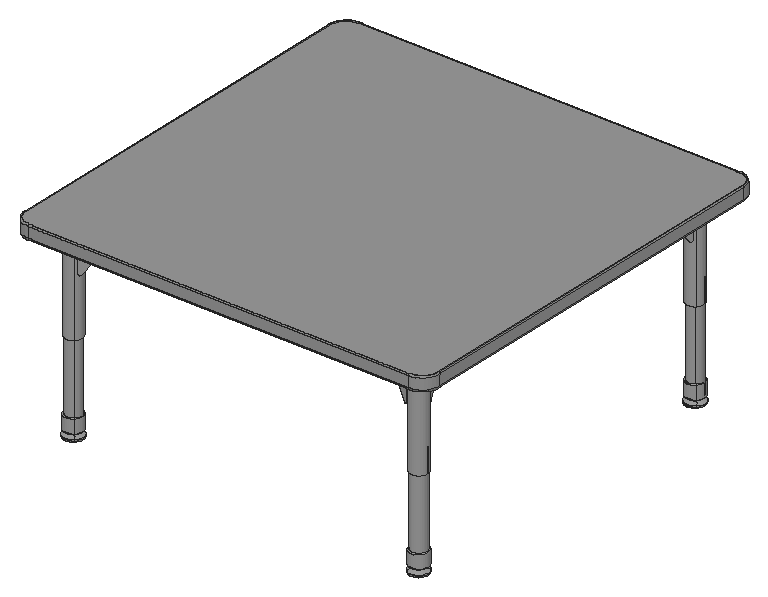
Revit family "Hierarchy Activity 36in Square Table - Youth Height", category Furniture, Revit 2018
Family settings
  Work Plane-Based = No
  Always vertical = Yes
  Cut with Voids When Loaded = No
  Shared = No
  Room Calculation Point = No
Parameters
  Table Height = 1' - 4"
  Surface = Hierarchy Activity 36" Square Table Youth Surface
  Leg Finish = Hierarchy Leg Platinum
  Edgeband = Hierarchy Activity 36" Square Table Youth Edgeband
  Caster/Glide = Hierarchy Youth Leg - Glide : Hierarchy Youth Leg - Glide
Reference planes (in)
  plane 1 "Center (Front/Back)": y = 0
  plane 2: z = 0
  plane 3 "Center (Left/Right)": x = 0
  plane 4: z = 16
Dimensions and locks (in)
  "Table Height": plane 4 to level
  aligned and locked: plane 2 to level
  aligned and locked: nested 1 to plane 4
Nested families (in)
  nested 1: "Activity 36x36 Tabletop" at (0, 0, -7.925), type "Activity 36x36 Tabletop"
  nested 2: "Hierarchy Youth Leg - Glide" at (-15, 15, 0) x (0.7071, 0.7071, 0) z (0, 0, 1), type <- "Caster/Glide", Leg Finish <- "Leg Finish", Leg Height <- "Table Height", type "Hierarchy Youth Leg - Glide"
    with Leg Height 1' - 4", Leg Finish Hierarchy Leg Platinum
  nested 3: "Hierarchy Youth Leg - Glide" at (-15, -15, 0) x (0.7071, -0.7071, 0) z (0, 0, 1), type <- "Caster/Glide", Leg Finish <- "Leg Finish", Leg Height <- "Table Height", type "Hierarchy Youth Leg - Glide"
    with Leg Height 1' - 4", Leg Finish Hierarchy Leg Platinum
  nested 4: "Hierarchy Youth Leg - Glide" at (15, 15, 0) x (-0.7071, 0.7071, 0) z (0, 0, 1), Leg Finish <- "Leg Finish", Leg Height <- "Table Height", type "Hierarchy Youth Leg - Glide"
    with Leg Height 1' - 4", Leg Finish Hierarchy Leg Platinum
  nested 5: "Hierarchy Youth Leg - Glide" at (15, -15, 0) x (-0.7071, -0.7071, 0) z (0, 0, 1), Leg Finish <- "Leg Finish", Leg Height <- "Table Height", type "Hierarchy Youth Leg - Glide"
    with Leg Height 1' - 4", Leg Finish Hierarchy Leg Platinum
Definition of nested family "Activity 36x36 Tabletop"
  Parameters (values of type "Activity 36x36 Tabletop")
    Surface = none
    Edgeband = none
  Reference planes (in)
    plane 1 "Center (Front/Back)": y = 0
    plane 2: z = 0
    plane 3 "Center (Left/Right)": x = 0
  Forms (in)
    Extrusion 1, solid, material <- "Surface"
      sketch origin (0, 0, 0) x (1, 0, 0) y (0, 1, 0)
        loop
          line (16.5, 17.88189) -> (-16.5, 17.88189)
          arc (-16.5, 17.88189) -> (-17.47714, 17.47714) -> (-17.88189, 16.5) r 1.38189
          line (-17.88189, 16.5) -> (-17.88189, -16.5)
          arc (-17.88189, -16.5) -> (-17.47714, -17.47714) -> (-16.5, -17.88189) r 1.38189
          line (-16.5, -17.88189) -> (16.5, -17.88189)
          arc (16.5, -17.88189) -> (17.47714, -17.47714) -> (17.88189, -16.5) r 1.38189
          line (17.88189, -16.5) -> (17.88189, 16.5)
          arc (17.88189, 16.5) -> (17.47714, 17.47714) -> (16.5, 17.88189) r 1.38189
      from 23.925 to 25.125
    Sweep 2, solid, material <- "Edgeband"
      path origin (0, 0, 0) x (1, 0, 0) y (0, 1, 0)
        loop
          line (16.5, 17.88189) -> (-16.5, 17.88189)
          arc (-16.5, 17.88189) -> (-17.47714, 17.47714) -> (-17.88189, 16.5) r 1.38189
          line (-17.88189, 16.5) -> (-17.88189, -16.5)
          arc (-17.88189, -16.5) -> (-17.47714, -17.47714) -> (-16.5, -17.88189) r 1.38189
          line (-16.5, -17.88189) -> (16.5, -17.88189)
          arc (16.5, -17.88189) -> (17.47714, -17.47714) -> (17.88189, -16.5) r 1.38189
          line (17.88189, -16.5) -> (17.88189, 16.5)
          arc (17.88189, 16.5) -> (17.47714, 17.47714) -> (16.5, 17.88189) r 1.38189
      profile origin (0, 17.88189, 0) x (0, -1, 0) y (0, 0, 1)
        loop
          arc (0, 25.125) -> (-0.08352, 25.09041) -> (-0.11811, 25.00689) r 0.11811
          line (-0.11811, 25.00689) -> (-0.11811, 24.04311)
          arc (-0.11811, 24.04311) -> (-0.08352, 23.95959) -> (0, 23.925) r 0.11811
          line (0, 23.925) -> (0, 25.125)
  Dimensions and locks (in)
    aligned and locked: plane 2 to level
Definition of nested family "Hierarchy Youth Leg - Glide"
  Parameters (values of type "Hierarchy Youth Leg - Glide")
    Leg Finish [instance] = none
    Leg Height [instance] = 1' - 4.80117"
  Reference planes (in)
    plane 1 "Center (Front/Back)": y = 0
    plane 2: z = 0
    plane 3 "Center (Left/Right)": x = 0
  Forms (in)
    Extrusion 1, solid
      sketch origin (-0.01562, 0, 0) x (1, 0, 0) y (0, 1, 0)
        loop
          circle (0.01563, 0) r 0.67016
      from 0.67618 to 10.55018
    Revolve 2, solid
      sketch origin (0, 0, 0) x (1, 0, 0) y (0, 0, 1)
        loop
          line (-0.73189, 1.80118) -> (-0.79439, 1.73867) -> (-0.79439, 0.61381) -> (-0.73176, 0.55118) -> (-0.125, 0.55118) -> (-0.125, 0.42618) -> (-0.84656, 0.16241) -> (-0.84656, 0.08994) -> (-0.81359, 0) -> (0, 0) -> (0, 1.80118) -> (-0.73189, 1.80118)
        axis (0, 1.80118) -> (0, 0)
      angle from 0 to 360
  Dimensions and locks (in)
    "Leg Height": nested 1 to level  (x2)
    aligned and locked: plane 2 to level
  Automatic sketch dimensions
    plane 1 "Center (Front/Back)" to Extrusion 1 sketch curve = 0' - 0"
    Extrusion 1 sketch curve to plane 3 "Center (Left/Right)" = 0' - 0"
    Revolve 2 sketch curve to level = 0' - 0"
    Revolve 2 sketch curve to plane 3 "Center (Left/Right)" = 0' - 0"  (x2)
    Revolve 2 sketch curve to plane 3 "Center (Left/Right)" = 0' - 0 1/8"
    Revolve 2 sketch curve to Revolve 2 sketch curve = 0' - 0.60676"
    Revolve 2 sketch curve to Revolve 2 sketch curve = 0' - 0.73189"
    Revolve 2 sketch curve to Revolve 2 sketch curve = 0' - 0.06263"  (x2)
    Revolve 2 sketch curve to Revolve 2 sketch curve = 0' - 0.08183"
    Revolve 2 sketch curve to Revolve 2 sketch curve = 0' - 0.03297"
    level to Revolve 2 sketch curve = 0' - 0.08994"
    Revolve 2 sketch curve to Revolve 2 sketch curve = 0' - 0.07247"
    level to Revolve 2 sketch curve = 0' - 0.42618"
    Revolve 2 sketch curve to Revolve 2 sketch curve = 0' - 0 1/8"
    Revolve 2 sketch curve to Revolve 2 sketch curve = 0' - 1.12486"
    Revolve 2 sketch curve to Revolve 2 sketch curve = 0' - 0 1/16"
    Revolve 2 sketch curve to level = 2' - 0"
    Revolve 2 sketch curve to Revolve 2 sketch curve = 8' - 4.91764"
    radius of Extrusion 1 sketch curve = 0' - 0.67016"
  Nested families (in)
    nested 1: "Hierarchy Youth Upper Leg 2023" at (0, 0, 0), Leg Finish <- "Leg Finish", type "Hierarchy Youth Upper Leg 2023"
      with Leg Finish none
  Definition of nested family "Hierarchy Youth Upper Leg 2023"
    Parameters (values of type "Hierarchy Youth Upper Leg 2023")
      Leg Finish [instance] = none
    Reference planes (in)
      plane 1 "Center (Front/Back)": y = 0
      plane 2: z = 0
      plane 3 "Center (Left/Right)": x = 0
    Forms (in)
      Extrusion 1, solid, material <- "Leg Finish"
        sketch origin (0, 0, -11.001) x (1, 0, 0) y (0, 1, 0)
          loop
            circle (0, 0) r 0.75
        from 19.67618 to 27.67618
      Extrusion 2, solid, material <- "Leg Finish"
        sketch origin (0, 0, -11.001) x (1, 0, 0) y (0, 1, 0)
          loop
            line (-1.70174, 0.19183) -> (-2.88626, -2.26116)
            arc (-2.88626, -2.26116) -> (-2.83993, -3.09822) -> (-2.1063, -3.50394) r 0.86614
            line (-2.1063, -3.50394) -> (2.1063, -3.50394)
            arc (2.1063, -3.50394) -> (2.83993, -3.09822) -> (2.88626, -2.26116) r 0.86614
            line (2.88626, -2.26116) -> (1.70174, 0.19183)
            arc (1.70174, 0.19183) -> (0, 1.25984) -> (-1.70174, 0.19183) r 1.88976
        from 27.67618 to 27.80217
      Extrusion 3, solid, material <- "Leg Finish"
        sketch origin (-1.48519, 8.66524, -11.001) x (-0.434844, 0.900506, 0) y (0, 0, 1)
          loop
            line (-9.01425, 27.67618) -> (-11.80952, 27.67618)
            arc (-11.80952, 27.67618) -> (-11.92325, 27.58993) -> (-11.87088, 27.45715) r 0.11811
            arc (-11.87088, 27.45715) -> (-10.39364, 26.29679) -> (-9.23328, 24.81955) r 7.87402
            arc (-9.23328, 24.81955) -> (-9.1005, 24.76717) -> (-9.01425, 24.88091) r 0.11811
            line (-9.01425, 24.88091) -> (-9.01425, 27.67618)
        from -1.94075 to -1.81476
      Extrusion 4, solid, material <- "Leg Finish"
        sketch origin (1.48519, 8.66524, -11.001) x (0.434844, 0.900506, 0) y (0, 0, -1)
          loop
            line (-9.01425, -27.67618) -> (-9.01425, -24.88091)
            arc (-9.01425, -24.88091) -> (-9.1005, -24.76717) -> (-9.23328, -24.81955) r 0.11811
            arc (-9.23328, -24.81955) -> (-10.39364, -26.29679) -> (-11.87088, -27.45715) r 7.87402
            arc (-11.87088, -27.45715) -> (-11.92325, -27.58993) -> (-11.80952, -27.67618) r 0.11811
            line (-11.80952, -27.67618) -> (-9.01425, -27.67618)
        from -1.94075 to -1.81476
    Dimensions and locks (in)
      aligned and locked: plane 2 to level
